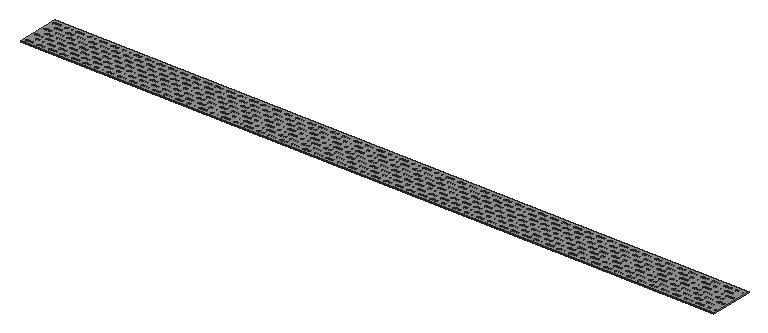
Revit family "Einlegeblech_185_FS_FT_DD_A2", category Generic Models, Revit 2017 (continued)
Dimensions and locks
  locked: cut or joined group 1 (Extrusion 1, Extrusion 2, Extrusion 3, Extrusion 4, Extrusion 5, Extrusion 6, Extrusion 7, Extrusion 8, Extrusion 9, Extrusion 10, Extrusion 11, Extrusion 12, Extrusion 13, Extrusion 14, Extrusion 15, Extrusion 16, Extrusion 17, Extrusion 18, Extrusion 19, Extrusion 20, Extrusion 21, Extrusion 22, Extrusion 23, Extrusion 24, Extrusion 25, Extrusion 26, Extrusion 27, Extrusion 28, Extrusion 29, Extrusion 30, Extrusion 31, Extrusion 32, Extrusion 33, Extrusion 34, Extrusion 35, Extrusion 36, Extrusion 37, Extrusion 38, Extrusion 39, Extrusion 40, Extrusion 41, Extrusion 42, Extrusion 43, Extrusion 44, Extrusion 45, Extrusion 46, Extrusion 47, Extrusion 48, Extrusion 49, Extrusion 50, Extrusion 51, Extrusion 52, Extrusion 53, Extrusion 54, Extrusion 55, Extrusion 56, Extrusion 57, Extrusion 58, Extrusion 59, Extrusion 60, Extrusion 61, Extrusion 62, Extrusion 63, Extrusion 64, Extrusion 65, Extrusion 66, Extrusion 67, Extrusion 68, Extrusion 69, Extrusion 70, Extrusion 71, Extrusion 72, Extrusion 73, Extrusion 74, Extrusion 75, Extrusion 76, Extrusion 77, Extrusion 78, Extrusion 79, Extrusion 80, Extrusion 81, Extrusion 82, Extrusion 83, Extrusion 84, Extrusion 85, Extrusion 86, Extrusion 87, Extrusion 88, Extrusion 89, Extrusion 90, Extrusion 91, Extrusion 92, Extrusion 93, Extrusion 94, Extrusion 95, Extrusion 96, Extrusion 97, Extrusion 98, Extrusion 99, Extrusion 100, Extrusion 101, Extrusion 102, Extrusion 103, Extrusion 104, Extrusion 105, Extrusion 106, Extrusion 107, Extrusion 108, Extrusion 109, Extrusion 110, Extrusion 111, Extrusion 112, Extrusion 113, Extrusion 114, Extrusion 115, Extrusion 116, Extrusion 117, Extrusion 118, Extrusion 119, Extrusion 120, Extrusion 121, Extrusion 122, Extrusion 123, Extrusion 124, Extrusion 125, Extrusion 126, Extrusion 127, Extrusion 128, Extrusion 129, Extrusion 130, Extrusion 131, Extrusion 132, Extrusion 133, Extrusion 134, Extrusion 135, Extrusion 136, Extrusion 137, Extrusion 138, Extrusion 139, Extrusion 140, Extrusion 141, Extrusion 142, Extrusion 143, Extrusion 144, Extrusion 145, Extrusion 146, Extrusion 147, Extrusion 148, Extrusion 149, Extrusion 150, Extrusion 151, Extrusion 152, Extrusion 153, Extrusion 154, Extrusion 155, Extrusion 156, Extrusion 157, Extrusion 158, Extrusion 159, Extrusion 160, Extrusion 161, Extrusion 162, Extrusion 163, Extrusion 164, Extrusion 165, Extrusion 166, Extrusion 167, Extrusion 168, Extrusion 169, Extrusion 170, Extrusion 171, Extrusion 172, Extrusion 173, Extrusion 174, Extrusion 175, Extrusion 176, Extrusion 177, Extrusion 178, Extrusion 179, Extrusion 180, Extrusion 181, Extrusion 182, Extrusion 184, Extrusion 185, Extrusion 186, Extrusion 187, Extrusion 188, Extrusion 189, Extrusion 190, Extrusion 191, Extrusion 192, Extrusion 193, Extrusion 194, Extrusion 195, Extrusion 196, Extrusion 197, Extrusion 198, Extrusion 199, Extrusion 200, Extrusion 201, Extrusion 202, Extrusion 203, Extrusion 204, Extrusion 205, Extrusion 206, Extrusion 207, Extrusion 208, Extrusion 209, Extrusion 210, Extrusion 211, Extrusion 212, Extrusion 213, Extrusion 214, Extrusion 215, Extrusion 216, Extrusion 217, Extrusion 218, Extrusion 219, Extrusion 220, Extrusion 221, Extrusion 222, Extrusion 223, Extrusion 224, Extrusion 225, Extrusion 226, Extrusion 227, Extrusion 228, Extrusion 229, Extrusion 230, Extrusion 231, Extrusion 232, Extrusion 233, Extrusion 234, Extrusion 235, Extrusion 236, Extrusion 237, Extrusion 238, Extrusion 239, Extrusion 240, Extrusion 241, Extrusion 242, Extrusion 243, Extrusion 244, Extrusion 245, Extrusion 246, Extrusion 247, Extrusion 248, Extrusion 249, Extrusion 250, Extrusion 251, Extrusion 252, Extrusion 253, Extrusion 254, Extrusion 255, Extrusion 256, Extrusion 257, Extrusion 258, Extrusion 259, Extrusion 260, Extrusion 261, Extrusion 262, Extrusion 263, Extrusion 264, Extrusion 265, Extrusion 266, Extrusion 267, Extrusion 268, Extrusion 269, Extrusion 270, Extrusion 271, Extrusion 272, Extrusion 273, Extrusion 274, Extrusion 275, Extrusion 276, Extrusion 277, Extrusion 278, Extrusion 279, Extrusion 280, Extrusion 281, Extrusion 282, Extrusion 283, Extrusion 284, Extrusion 285, Extrusion 286, Extrusion 287, Extrusion 288, Extrusion 289, Extrusion 290, Extrusion 291, Extrusion 292, Extrusion 293, Extrusion 294, Extrusion 295, Extrusion 296, Extrusion 297, Extrusion 298, Extrusion 299, Extrusion 300, Extrusion 301, Extrusion 302, Extrusion 303, Extrusion 304, Extrusion 305, Extrusion 306, Extrusion 307, Extrusion 308, Extrusion 309, Extrusion 310, Extrusion 311, Extrusion 312, Extrusion 313, Extrusion 314, Extrusion 315, Extrusion 316, Extrusion 317, Extrusion 318, Extrusion 319, Extrusion 320, Extrusion 321, Extrusion 322, Extrusion 323, Extrusion 324, Extrusion 325, Extrusion 326, Extrusion 327, Extrusion 328, Extrusion 329, Extrusion 330, Extrusion 331, Extrusion 332, Extrusion 333, Extrusion 334, Extrusion 335, Extrusion 336, Extrusion 337, Extrusion 338, Extrusion 339, Extrusion 340, Extrusion 341, Extrusion 342, Extrusion 343, Extrusion 344, Extrusion 345, Extrusion 346, Extrusion 347, Extrusion 348, Extrusion 349, Extrusion 350, Extrusion 351, Extrusion 352, Extrusion 353, Extrusion 354, Extrusion 355, Extrusion 356, Extrusion 357, Extrusion 358, Extrusion 359, Extrusion 360, Extrusion 361, Extrusion 362, Extrusion 363, Extrusion 364, Extrusion 365, Extrusion 366, Extrusion 367, Extrusion 368, Extrusion 369, Extrusion 370, Extrusion 371, Extrusion 372, Extrusion 373, Extrusion 374, Extrusion 375, Extrusion 376, Extrusion 377, Extrusion 378, Extrusion 379, Extrusion 380, Extrusion 381, Extrusion 382, Extrusion 383, Extrusion 384, Extrusion 385, Extrusion 386, Extrusion 387, Extrusion 388, Extrusion 389, Extrusion 390, Extrusion 391, Extrusion 392, Extrusion 393, Extrusion 394, Extrusion 395, Extrusion 396, Extrusion 397, Extrusion 398, Extrusion 399, Extrusion 400, Extrusion 401, Extrusion 402, Extrusion 403, Extrusion 404, Extrusion 405, Extrusion 406, Extrusion 407, Extrusion 408, Extrusion 409, Extrusion 410, Extrusion 411, Extrusion 412, Extrusion 413, Extrusion 414, Extrusion 415, Extrusion 416, Extrusion 417, Extrusion 418, Extrusion 419) to cut or joined group 2 (Extrusion 1, Extrusion 2, Extrusion 3, Extrusion 4, Extrusion 5, Extrusion 6, Extrusion 7, Extrusion 8, Extrusion 9, Extrusion 10, Extrusion 11, Extrusion 12, Extrusion 13, Extrusion 14, Extrusion 15, Extrusion 16, Extrusion 17, Extrusion 18, Extrusion 19, Extrusion 20, Extrusion 21, Extrusion 22, Extrusion 23, Extrusion 24, Extrusion 25, Extrusion 26, Extrusion 27, Extrusion 28, Extrusion 29, Extrusion 30, Extrusion 31, Extrusion 32, Extrusion 33, Extrusion 34, Extrusion 35, Extrusion 36, Extrusion 37, Extrusion 38, Extrusion 39, Extrusion 40, Extrusion 41, Extrusion 42, Extrusion 43, Extrusion 44, Extrusion 45, Extrusion 46, Extrusion 47, Extrusion 48, Extrusion 49, Extrusion 50, Extrusion 51, Extrusion 52, Extrusion 53, Extrusion 54, Extrusion 55, Extrusion 56, Extrusion 57, Extrusion 58, Extrusion 59, Extrusion 60, Extrusion 61, Extrusion 62, Extrusion 63, Extrusion 64, Extrusion 65, Extrusion 66, Extrusion 67, Extrusion 68, Extrusion 69, Extrusion 70, Extrusion 71, Extrusion 72, Extrusion 73, Extrusion 74, Extrusion 75, Extrusion 76, Extrusion 77, Extrusion 78, Extrusion 79, Extrusion 80, Extrusion 81, Extrusion 82, Extrusion 83, Extrusion 84, Extrusion 85, Extrusion 86, Extrusion 87, Extrusion 88, Extrusion 89, Extrusion 90, Extrusion 91, Extrusion 92, Extrusion 93, Extrusion 94, Extrusion 95, Extrusion 96, Extrusion 97, Extrusion 98, Extrusion 99, Extrusion 100, Extrusion 101, Extrusion 102, Extrusion 103, Extrusion 104, Extrusion 105, Extrusion 106, Extrusion 107, Extrusion 108, Extrusion 109, Extrusion 110, Extrusion 111, Extrusion 112, Extrusion 113, Extrusion 114, Extrusion 115, Extrusion 116, Extrusion 117, Extrusion 118, Extrusion 119, Extrusion 120, Extrusion 121, Extrusion 122, Extrusion 123, Extrusion 124, Extrusion 125, Extrusion 126)
    , Extrusion 127, Extrusion 128, Extrusion 129, Extrusion 130, Extrusion 131, Extrusion 132, Extrusion 133, Extrusion 134, Extrusion 135, Extrusion 136, Extrusion 137, Extrusion 138, Extrusion 139, Extrusion 140, Extrusion 141, Extrusion 142, Extrusion 143, Extrusion 144, Extrusion 145, Extrusion 146, Extrusion 147, Extrusion 148, Extrusion 149, Extrusion 150, Extrusion 151, Extrusion 152, Extrusion 153, Extrusion 154, Extrusion 155, Extrusion 156, Extrusion 157, Extrusion 158, Extrusion 159, Extrusion 160, Extrusion 161, Extrusion 162, Extrusion 163, Extrusion 164, Extrusion 165, Extrusion 166, Extrusion 167, Extrusion 168, Extrusion 169, Extrusion 170, Extrusion 171, Extrusion 172, Extrusion 173, Extrusion 174, Extrusion 175, Extrusion 176, Extrusion 177, Extrusion 178, Extrusion 179, Extrusion 180, Extrusion 181, Extrusion 182, Extrusion 184, Extrusion 185, Extrusion 186, Extrusion 187, Extrusion 188, Extrusion 189, Extrusion 190, Extrusion 191, Extrusion 192, Extrusion 193, Extrusion 194, Extrusion 195, Extrusion 196, Extrusion 197, Extrusion 198, Extrusion 199, Extrusion 200, Extrusion 201, Extrusion 202, Extrusion 203, Extrusion 204, Extrusion 205, Extrusion 206, Extrusion 207, Extrusion 208, Extrusion 209, Extrusion 210, Extrusion 211, Extrusion 212, Extrusion 213, Extrusion 214, Extrusion 215, Extrusion 216, Extrusion 217, Extrusion 218, Extrusion 219, Extrusion 220, Extrusion 221, Extrusion 222, Extrusion 223, Extrusion 224, Extrusion 225, Extrusion 226, Extrusion 227, Extrusion 228, Extrusion 229, Extrusion 230, Extrusion 231, Extrusion 232, Extrusion 233, Extrusion 234, Extrusion 235, Extrusion 236, Extrusion 237, Extrusion 238, Extrusion 239, Extrusion 240, Extrusion 241, Extrusion 242, Extrusion 243, Extrusion 244, Extrusion 245, Extrusion 246, Extrusion 247, Extrusion 248, Extrusion 249, Extrusion 250, Extrusion 251, Extrusion 252, Extrusion 253, Extrusion 254, Extrusion 255, Extrusion 256, Extrusion 257, Extrusion 258, Extrusion 259, Extrusion 260, Extrusion 261, Extrusion 262, Extrusion 263, Extrusion 264, Extrusion 265, Extrusion 266, Extrusion 267, Extrusion 268, Extrusion 269, Extrusion 270, Extrusion 271, Extrusion 272, Extrusion 273, Extrusion 274, Extrusion 275, Extrusion 276, Extrusion 277, Extrusion 278, Extrusion 279, Extrusion 280, Extrusion 281, Extrusion 282, Extrusion 283, Extrusion 284, Extrusion 285, Extrusion 286, Extrusion 287, Extrusion 288, Extrusion 289, Extrusion 290, Extrusion 291, Extrusion 292, Extrusion 293, Extrusion 294, Extrusion 295, Extrusion 296, Extrusion 297, Extrusion 298, Extrusion 299, Extrusion 300, Extrusion 301, Extrusion 302, Extrusion 303, Extrusion 304, Extrusion 305, Extrusion 306, Extrusion 307, Extrusion 308, Extrusion 309, Extrusion 310, Extrusion 311, Extrusion 312, Extrusion 313, Extrusion 314, Extrusion 315, Extrusion 316, Extrusion 317, Extrusion 318, Extrusion 319, Extrusion 320, Extrusion 321, Extrusion 322, Extrusion 323, Extrusion 324, Extrusion 325, Extrusion 326, Extrusion 327, Extrusion 328, Extrusion 329, Extrusion 330, Extrusion 331, Extrusion 332, Extrusion 333, Extrusion 334, Extrusion 335, Extrusion 336, Extrusion 337, Extrusion 338, Extrusion 339, Extrusion 340, Extrusion 341, Extrusion 342, Extrusion 343, Extrusion 344, Extrusion 345, Extrusion 346, Extrusion 347, Extrusion 348, Extrusion 349, Extrusion 350, Extrusion 351, Extrusion 352, Extrusion 353, Extrusion 354, Extrusion 355, Extrusion 356, Extrusion 357, Extrusion 358, Extrusion 359, Extrusion 360, Extrusion 361, Extrusion 362, Extrusion 363, Extrusion 364, Extrusion 365, Extrusion 366, Extrusion 367, Extrusion 368, Extrusion 369, Extrusion 370, Extrusion 371, Extrusion 372, Extrusion 373, Extrusion 374, Extrusion 375, Extrusion 376, Extrusion 377, Extrusion 378, Extrusion 379, Extrusion 380, Extrusion 381, Extrusion 382, Extrusion 383, Extrusion 384, Extrusion 385, Extrusion 386, Extrusion 387, Extrusion 388, Extrusion 389, Extrusion 390, Extrusion 391, Extrusion 392, Extrusion 393, Extrusion 394, Extrusion 395, Extrusion 396, Extrusion 397, Extrusion 398, Extrusion 399, Extrusion 400, Extrusion 401, Extrusion 402, Extrusion 403, Extrusion 404, Extrusion 405, Extrusion 406, Extrusion 407, Extrusion 408, Extrusion 409, Extrusion 410, Extrusion 411, Extrusion 412, Extrusion 413, Extrusion 414, Extrusion 415, Extrusion 416, Extrusion 417, Extrusion 418, Extrusion 419 at 66  (x2)
  locked: Extrusion 63 sketch curve to Extrusion 63 sketch curve at 7
  equal spacing: group 60, group 62, group 63, group 64, group 65, group 66, group 67, group 68, group 69, group 70, group 71, group 72, group 73, group 74, group 75, group 76, group 77, group 78, group 79, group 80, group 81, group 82, group 83, group 84, group 85, group 86, group 87, group 88, group 89, group 90, group 91, group 92, group 93, group 94, group 95, group 96, group 97, group 98, group 99, group 100, group 101, group 102, group 103, group 104, group 105, group 106, group 107, group 108, group 109, group 110, group 111, group 112, group 113, group 114, group 115, group 116, group 117, group 118, group 119  (x3)
  locked: Extrusion 64 sketch curve to Extrusion 64 sketch curve at 7
  locked: Extrusion 65 sketch curve to Extrusion 65 sketch curve at 7
  locked: Extrusion 66 sketch curve to Extrusion 66 sketch curve at 7
  locked: Extrusion 67 sketch curve to Extrusion 67 sketch curve at 7
  locked: Extrusion 68 sketch curve to Extrusion 68 sketch curve at 7
  locked: Extrusion 69 sketch curve to Extrusion 69 sketch curve at 7
  locked: Extrusion 70 sketch curve to Extrusion 70 sketch curve at 7
  locked: Extrusion 71 sketch curve to Extrusion 71 sketch curve at 7
  locked: Extrusion 72 sketch curve to Extrusion 72 sketch curve at 7
  locked: Extrusion 73 sketch curve to Extrusion 73 sketch curve at 7
  locked: Extrusion 74 sketch curve to Extrusion 74 sketch curve at 7
  locked: Extrusion 75 sketch curve to Extrusion 75 sketch curve at 7
  locked: Extrusion 76 sketch curve to Extrusion 76 sketch curve at 7
  locked: Extrusion 77 sketch curve to Extrusion 77 sketch curve at 7
  locked: Extrusion 78 sketch curve to Extrusion 78 sketch curve at 7
  locked: Extrusion 79 sketch curve to Extrusion 79 sketch curve at 7
  locked: Extrusion 80 sketch curve to Extrusion 80 sketch curve at 7
  locked: Extrusion 81 sketch curve to Extrusion 81 sketch curve at 7
  locked: Extrusion 82 sketch curve to Extrusion 82 sketch curve at 7
  locked: Extrusion 83 sketch curve to Extrusion 83 sketch curve at 7
  locked: Extrusion 84 sketch curve to Extrusion 84 sketch curve at 7
  locked: Extrusion 85 sketch curve to Extrusion 85 sketch curve at 7
  locked: Extrusion 86 sketch curve to Extrusion 86 sketch curve at 7
  locked: Extrusion 87 sketch curve to Extrusion 87 sketch curve at 7
  locked: Extrusion 88 sketch curve to Extrusion 88 sketch curve at 7
  locked: Extrusion 89 sketch curve to Extrusion 89 sketch curve at 7
  locked: Extrusion 90 sketch curve to Extrusion 90 sketch curve at 7
  locked: Extrusion 91 sketch curve to Extrusion 91 sketch curve at 7
  locked: Extrusion 92 sketch curve to Extrusion 92 sketch curve at 7
  locked: Extrusion 93 sketch curve to Extrusion 93 sketch curve at 7
  locked: Extrusion 94 sketch curve to Extrusion 94 sketch curve at 7
  locked: Extrusion 95 sketch curve to Extrusion 95 sketch curve at 7
  locked: Extrusion 96 sketch curve to Extrusion 96 sketch curve at 7
  locked: Extrusion 97 sketch curve to Extrusion 97 sketch curve at 7
  locked: Extrusion 98 sketch curve to Extrusion 98 sketch curve at 7
  locked: Extrusion 99 sketch curve to Extrusion 99 sketch curve at 7
  locked: Extrusion 100 sketch curve to Extrusion 100 sketch curve at 7
  locked: Extrusion 101 sketch curve to Extrusion 101 sketch curve at 7
  locked: Extrusion 102 sketch curve to Extrusion 102 sketch curve at 7
  locked: Extrusion 103 sketch curve to Extrusion 103 sketch curve at 7
  locked: Extrusion 104 sketch curve to Extrusion 104 sketch curve at 7
  locked: Extrusion 105 sketch curve to Extrusion 105 sketch curve at 7
  locked: Extrusion 106 sketch curve to Extrusion 106 sketch curve at 7
  locked: Extrusion 107 sketch curve to Extrusion 107 sketch curve at 7
  locked: Extrusion 108 sketch curve to Extrusion 108 sketch curve at 7
  locked: Extrusion 109 sketch curve to Extrusion 109 sketch curve at 7
  locked: Extrusion 110 sketch curve to Extrusion 110 sketch curve at 7
  locked: Extrusion 111 sketch curve to Extrusion 111 sketch curve at 7
  locked: Extrusion 112 sketch curve to Extrusion 112 sketch curve at 7
  locked: Extrusion 113 sketch curve to Extrusion 113 sketch curve at 7
  locked: Extrusion 114 sketch curve to Extrusion 114 sketch curve at 7
  locked: Extrusion 115 sketch curve to Extrusion 115 sketch curve at 7
  locked: Extrusion 116 sketch curve to Extrusion 116 sketch curve at 7
  locked: Extrusion 117 sketch curve to Extrusion 117 sketch curve at 7
  locked: Extrusion 118 sketch curve to Extrusion 118 sketch curve at 7
  locked: Extrusion 119 sketch curve to Extrusion 119 sketch curve at 7
  locked: Extrusion 120 sketch curve to Extrusion 120 sketch curve at 7
  locked: Extrusion 121 sketch curve to Extrusion 121 sketch curve at 7
  equal spacing: group 61, group 120, group 121, group 122, group 123, group 124, group 125, group 126, group 127, group 128, group 129, group 130, group 131, group 132, group 133, group 134, group 135, group 136, group 137, group 138, group 139, group 140, group 141, group 142, group 143, group 144, group 145, group 146, group 147, group 148, group 149, group 150, group 151, group 152, group 153, group 154, group 155, group 156, group 157, group 158, group 159, group 160, group 161, group 162, group 163, group 164, group 165, group 166, group 167, group 168, group 169, group 170, group 171, group 172, group 173, group 174, group 175, group 176, group 177  (x3)
  locked: Extrusion 122 sketch curve to Extrusion 122 sketch curve at 7
  locked: Extrusion 123 sketch curve to Extrusion 123 sketch curve at 7
  locked: Extrusion 124 sketch curve to Extrusion 124 sketch curve at 7
  locked: Extrusion 125 sketch curve to Extrusion 125 sketch curve at 7
  locked: Extrusion 126 sketch curve to Extrusion 126 sketch curve at 7
  locked: Extrusion 127 sketch curve to Extrusion 127 sketch curve at 7
  locked: Extrusion 128 sketch curve to Extrusion 128 sketch curve at 7
  locked: Extrusion 129 sketch curve to Extrusion 129 sketch curve at 7
  locked: Extrusion 130 sketch curve to Extrusion 130 sketch curve at 7
  locked: Extrusion 131 sketch curve to Extrusion 131 sketch curve at 7
  locked: Extrusion 132 sketch curve to Extrusion 132 sketch curve at 7
  locked: Extrusion 133 sketch curve to Extrusion 133 sketch curve at 7
  locked: Extrusion 134 sketch curve to Extrusion 134 sketch curve at 7
  locked: Extrusion 135 sketch curve to Extrusion 135 sketch curve at 7
  locked: Extrusion 136 sketch curve to Extrusion 136 sketch curve at 7
  locked: Extrusion 137 sketch curve to Extrusion 137 sketch curve at 7
  locked: Extrusion 138 sketch curve to Extrusion 138 sketch curve at 7
  locked: Extrusion 139 sketch curve to Extrusion 139 sketch curve at 7
  locked: Extrusion 140 sketch curve to Extrusion 140 sketch curve at 7
  locked: Extrusion 141 sketch curve to Extrusion 141 sketch curve at 7
  locked: Extrusion 142 sketch curve to Extrusion 142 sketch curve at 7
  locked: Extrusion 143 sketch curve to Extrusion 143 sketch curve at 7
  locked: Extrusion 144 sketch curve to Extrusion 144 sketch curve at 7
  locked: Extrusion 145 sketch curve to Extrusion 145 sketch curve at 7
  locked: Extrusion 146 sketch curve to Extrusion 146 sketch curve at 7
  locked: Extrusion 147 sketch curve to Extrusion 147 sketch curve at 7
  locked: Extrusion 148 sketch curve to Extrusion 148 sketch curve at 7
  locked: Extrusion 149 sketch curve to Extrusion 149 sketch curve at 7
  locked: Extrusion 150 sketch curve to Extrusion 150 sketch curve at 7
  locked: Extrusion 151 sketch curve to Extrusion 151 sketch curve at 7
  locked: Extrusion 152 sketch curve to Extrusion 152 sketch curve at 7
  locked: Extrusion 153 sketch curve to Extrusion 153 sketch curve at 7
  locked: Extrusion 154 sketch curve to Extrusion 154 sketch curve at 7
  locked: Extrusion 155 sketch curve to Extrusion 155 sketch curve at 7
  locked: Extrusion 156 sketch curve to Extrusion 156 sketch curve at 7
  locked: Extrusion 157 sketch curve to Extrusion 157 sketch curve at 7
  locked: Extrusion 158 sketch curve to Extrusion 158 sketch curve at 7
  locked: Extrusion 159 sketch curve to Extrusion 159 sketch curve at 7
  locked: Extrusion 160 sketch curve to Extrusion 160 sketch curve at 7
  locked: Extrusion 161 sketch curve to Extrusion 161 sketch curve at 7
  locked: Extrusion 162 sketch curve to Extrusion 162 sketch curve at 7
  locked: Extrusion 163 sketch curve to Extrusion 163 sketch curve at 7
  locked: Extrusion 164 sketch curve to Extrusion 164 sketch curve at 7
  locked: Extrusion 165 sketch curve to Extrusion 165 sketch curve at 7
  locked: Extrusion 166 sketch curve to Extrusion 166 sketch curve at 7
  locked: Extrusion 167 sketch curve to Extrusion 167 sketch curve at 7
  locked: Extrusion 168 sketch curve to Extrusion 168 sketch curve at 7
  locked: Extrusion 169 sketch curve to Extrusion 169 sketch curve at 7
  locked: Extrusion 170 sketch curve to Extrusion 170 sketch curve at 7
  locked: Extrusion 171 sketch curve to Extrusion 171 sketch curve at 7
  locked: Extrusion 172 sketch curve to Extrusion 172 sketch curve at 7
  locked: Extrusion 173 sketch curve to Extrusion 173 sketch curve at 7
  locked: Extrusion 174 sketch curve to Extrusion 174 sketch curve at 7
  locked: Extrusion 175 sketch curve to Extrusion 175 sketch curve at 7
  locked: Extrusion 176 sketch curve to Extrusion 176 sketch curve at 7
  locked: Extrusion 177 sketch curve to Extrusion 177 sketch curve at 7
  locked: Extrusion 178 sketch curve to Extrusion 178 sketch curve at 7
  locked: Extrusion 179 sketch curve to Extrusion 179 sketch curve at 7.031
  locked: Extrusion 180 sketch curve to Extrusion 180 sketch curve at 7.031
  group 178 to group 179 = 0 mm  (x2)
  group 178 to group 179 = 50 mm
  locked: cut or joined group 1 to cut or joined group 2
    , Extrusion 127, Extrusion 128, Extrusion 129, Extrusion 130, Extrusion 131, Extrusion 132, Extrusion 133, Extrusion 134, Extrusion 135, Extrusion 136, Extrusion 137, Extrusion 138, Extrusion 139, Extrusion 140, Extrusion 141, Extrusion 142, Extrusion 143, Extrusion 144, Extrusion 145, Extrusion 146, Extrusion 147, Extrusion 148, Extrusion 149, Extrusion 150, Extrusion 151, Extrusion 152, Extrusion 153, Extrusion 154, Extrusion 155, Extrusion 156, Extrusion 157, Extrusion 158, Extrusion 159, Extrusion 160, Extrusion 161, Extrusion 162, Extrusion 163, Extrusion 164, Extrusion 165, Extrusion 166, Extrusion 167, Extrusion 168, Extrusion 169, Extrusion 170, Extrusion 171, Extrusion 172, Extrusion 173, Extrusion 174, Extrusion 175, Extrusion 176, Extrusion 177, Extrusion 178, Extrusion 179, Extrusion 180, Extrusion 181, Extrusion 182, Extrusion 184, Extrusion 185, Extrusion 186, Extrusion 187, Extrusion 188, Extrusion 189, Extrusion 190, Extrusion 191, Extrusion 192, Extrusion 193, Extrusion 194, Extrusion 195, Extrusion 196, Extrusion 197, Extrusion 198, Extrusion 199, Extrusion 200, Extrusion 201, Extrusion 202, Extrusion 203, Extrusion 204, Extrusion 205, Extrusion 206, Extrusion 207, Extrusion 208, Extrusion 209, Extrusion 210, Extrusion 211, Extrusion 212, Extrusion 213, Extrusion 214, Extrusion 215, Extrusion 216, Extrusion 217, Extrusion 218, Extrusion 219, Extrusion 220, Extrusion 221, Extrusion 222, Extrusion 223, Extrusion 224, Extrusion 225, Extrusion 226, Extrusion 227, Extrusion 228, Extrusion 229, Extrusion 230, Extrusion 231, Extrusion 232, Extrusion 233, Extrusion 234, Extrusion 235, Extrusion 236, Extrusion 237, Extrusion 238, Extrusion 239, Extrusion 240, Extrusion 241, Extrusion 242, Extrusion 243, Extrusion 244, Extrusion 245, Extrusion 246, Extrusion 247, Extrusion 248, Extrusion 249, Extrusion 250, Extrusion 251, Extrusion 252, Extrusion 253, Extrusion 254, Extrusion 255, Extrusion 256, Extrusion 257, Extrusion 258, Extrusion 259, Extrusion 260, Extrusion 261, Extrusion 262, Extrusion 263, Extrusion 264, Extrusion 265, Extrusion 266, Extrusion 267, Extrusion 268, Extrusion 269, Extrusion 270, Extrusion 271, Extrusion 272, Extrusion 273, Extrusion 274, Extrusion 275, Extrusion 276, Extrusion 277, Extrusion 278, Extrusion 279, Extrusion 280, Extrusion 281, Extrusion 282, Extrusion 283, Extrusion 284, Extrusion 285, Extrusion 286, Extrusion 287, Extrusion 288, Extrusion 289, Extrusion 290, Extrusion 291, Extrusion 292, Extrusion 293, Extrusion 294, Extrusion 295, Extrusion 296, Extrusion 297, Extrusion 298, Extrusion 299, Extrusion 300, Extrusion 301, Extrusion 302, Extrusion 303, Extrusion 304, Extrusion 305, Extrusion 306, Extrusion 307, Extrusion 308, Extrusion 309, Extrusion 310, Extrusion 311, Extrusion 312, Extrusion 313, Extrusion 314, Extrusion 315, Extrusion 316, Extrusion 317, Extrusion 318, Extrusion 319, Extrusion 320, Extrusion 321, Extrusion 322, Extrusion 323, Extrusion 324, Extrusion 325, Extrusion 326, Extrusion 327, Extrusion 328, Extrusion 329, Extrusion 330, Extrusion 331, Extrusion 332, Extrusion 333, Extrusion 334, Extrusion 335, Extrusion 336, Extrusion 337, Extrusion 338, Extrusion 339, Extrusion 340, Extrusion 341, Extrusion 342, Extrusion 343, Extrusion 344, Extrusion 345, Extrusion 346, Extrusion 347, Extrusion 348, Extrusion 349, Extrusion 350, Extrusion 351, Extrusion 352, Extrusion 353, Extrusion 354, Extrusion 355, Extrusion 356, Extrusion 357, Extrusion 358, Extrusion 359, Extrusion 360, Extrusion 361, Extrusion 362, Extrusion 363, Extrusion 364, Extrusion 365, Extrusion 366, Extrusion 367, Extrusion 368, Extrusion 369, Extrusion 370, Extrusion 371, Extrusion 372, Extrusion 373, Extrusion 374, Extrusion 375, Extrusion 376, Extrusion 377, Extrusion 378, Extrusion 379, Extrusion 380, Extrusion 381, Extrusion 382, Extrusion 383, Extrusion 384, Extrusion 385, Extrusion 386, Extrusion 387, Extrusion 388, Extrusion 389, Extrusion 390, Extrusion 391, Extrusion 392, Extrusion 393, Extrusion 394, Extrusion 395, Extrusion 396, Extrusion 397, Extrusion 398, Extrusion 399, Extrusion 400, Extrusion 401, Extrusion 402, Extrusion 403, Extrusion 404, Extrusion 405, Extrusion 406, Extrusion 407, Extrusion 408, Extrusion 409, Extrusion 410, Extrusion 411, Extrusion 412, Extrusion 413, Extrusion 414, Extrusion 415, Extrusion 416, Extrusion 417, Extrusion 418, Extrusion 419 at 9  (x2)
  locked: cut or joined group 1 to cut or joined group 2
    , Extrusion 127, Extrusion 128, Extrusion 129, Extrusion 130, Extrusion 131, Extrusion 132, Extrusion 133, Extrusion 134, Extrusion 135, Extrusion 136, Extrusion 137, Extrusion 138, Extrusion 139, Extrusion 140, Extrusion 141, Extrusion 142, Extrusion 143, Extrusion 144, Extrusion 145, Extrusion 146, Extrusion 147, Extrusion 148, Extrusion 149, Extrusion 150, Extrusion 151, Extrusion 152, Extrusion 153, Extrusion 154, Extrusion 155, Extrusion 156, Extrusion 157, Extrusion 158, Extrusion 159, Extrusion 160, Extrusion 161, Extrusion 162, Extrusion 163, Extrusion 164, Extrusion 165, Extrusion 166, Extrusion 167, Extrusion 168, Extrusion 169, Extrusion 170, Extrusion 171, Extrusion 172, Extrusion 173, Extrusion 174, Extrusion 175, Extrusion 176, Extrusion 177, Extrusion 178, Extrusion 179, Extrusion 180, Extrusion 181, Extrusion 182, Extrusion 184, Extrusion 185, Extrusion 186, Extrusion 187, Extrusion 188, Extrusion 189, Extrusion 190, Extrusion 191, Extrusion 192, Extrusion 193, Extrusion 194, Extrusion 195, Extrusion 196, Extrusion 197, Extrusion 198, Extrusion 199, Extrusion 200, Extrusion 201, Extrusion 202, Extrusion 203, Extrusion 204, Extrusion 205, Extrusion 206, Extrusion 207, Extrusion 208, Extrusion 209, Extrusion 210, Extrusion 211, Extrusion 212, Extrusion 213, Extrusion 214, Extrusion 215, Extrusion 216, Extrusion 217, Extrusion 218, Extrusion 219, Extrusion 220, Extrusion 221, Extrusion 222, Extrusion 223, Extrusion 224, Extrusion 225, Extrusion 226, Extrusion 227, Extrusion 228, Extrusion 229, Extrusion 230, Extrusion 231, Extrusion 232, Extrusion 233, Extrusion 234, Extrusion 235, Extrusion 236, Extrusion 237, Extrusion 238, Extrusion 239, Extrusion 240, Extrusion 241, Extrusion 242, Extrusion 243, Extrusion 244, Extrusion 245, Extrusion 246, Extrusion 247, Extrusion 248, Extrusion 249, Extrusion 250, Extrusion 251, Extrusion 252, Extrusion 253, Extrusion 254, Extrusion 255, Extrusion 256, Extrusion 257, Extrusion 258, Extrusion 259, Extrusion 260, Extrusion 261, Extrusion 262, Extrusion 263, Extrusion 264, Extrusion 265, Extrusion 266, Extrusion 267, Extrusion 268, Extrusion 269, Extrusion 270, Extrusion 271, Extrusion 272, Extrusion 273, Extrusion 274, Extrusion 275, Extrusion 276, Extrusion 277, Extrusion 278, Extrusion 279, Extrusion 280, Extrusion 281, Extrusion 282, Extrusion 283, Extrusion 284, Extrusion 285, Extrusion 286, Extrusion 287, Extrusion 288, Extrusion 289, Extrusion 290, Extrusion 291, Extrusion 292, Extrusion 293, Extrusion 294, Extrusion 295, Extrusion 296, Extrusion 297, Extrusion 298, Extrusion 299, Extrusion 300, Extrusion 301, Extrusion 302, Extrusion 303, Extrusion 304, Extrusion 305, Extrusion 306, Extrusion 307, Extrusion 308, Extrusion 309, Extrusion 310, Extrusion 311, Extrusion 312, Extrusion 313, Extrusion 314, Extrusion 315, Extrusion 316, Extrusion 317, Extrusion 318, Extrusion 319, Extrusion 320, Extrusion 321, Extrusion 322, Extrusion 323, Extrusion 324, Extrusion 325, Extrusion 326, Extrusion 327, Extrusion 328, Extrusion 329, Extrusion 330, Extrusion 331, Extrusion 332, Extrusion 333, Extrusion 334, Extrusion 335, Extrusion 336, Extrusion 337, Extrusion 338, Extrusion 339, Extrusion 340, Extrusion 341, Extrusion 342, Extrusion 343, Extrusion 344, Extrusion 345, Extrusion 346, Extrusion 347, Extrusion 348, Extrusion 349, Extrusion 350, Extrusion 351, Extrusion 352, Extrusion 353, Extrusion 354, Extrusion 355, Extrusion 356, Extrusion 357, Extrusion 358, Extrusion 359, Extrusion 360, Extrusion 361, Extrusion 362, Extrusion 363, Extrusion 364, Extrusion 365, Extrusion 366, Extrusion 367, Extrusion 368, Extrusion 369, Extrusion 370, Extrusion 371, Extrusion 372, Extrusion 373, Extrusion 374, Extrusion 375, Extrusion 376, Extrusion 377, Extrusion 378, Extrusion 379, Extrusion 380, Extrusion 381, Extrusion 382, Extrusion 383, Extrusion 384, Extrusion 385, Extrusion 386, Extrusion 387, Extrusion 388, Extrusion 389, Extrusion 390, Extrusion 391, Extrusion 392, Extrusion 393, Extrusion 394, Extrusion 395, Extrusion 396, Extrusion 397, Extrusion 398, Extrusion 399, Extrusion 400, Extrusion 401, Extrusion 402, Extrusion 403, Extrusion 404, Extrusion 405, Extrusion 406, Extrusion 407, Extrusion 408, Extrusion 409, Extrusion 410, Extrusion 411, Extrusion 412, Extrusion 413, Extrusion 414, Extrusion 415, Extrusion 416, Extrusion 417, Extrusion 418, Extrusion 419 at 41  (x2)
  locked: cut or joined group 1 to cut or joined group 2
